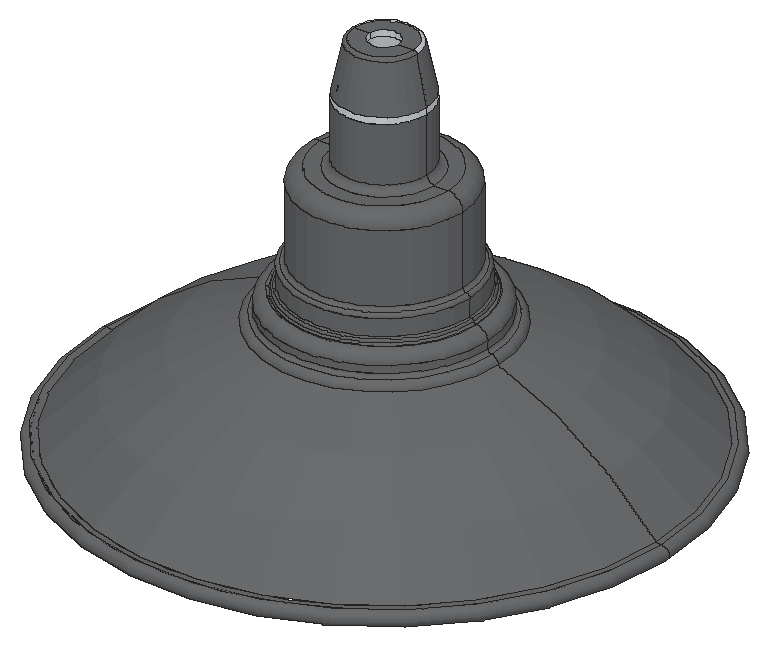
Revit family "HRS10 SHADE", category Lighting Fixtures, Revit 2024
Family settings
  Round Connector Dimension = Use Diameter
  Part Type = Normal
  OmniClass Number = 23.80.70.00
  OmniClass Title = Lighting
  Work Plane-Based = No
  Always vertical = Yes
  Cut with Voids When Loaded = No
  Light Source = Yes
  Maintain Annotation Orientation = No
  Shared = No
  Room Calculation Point = No
Parameters
  Wattage = 12.1178 W
  built-in parameter 1150110 = 1 (stored number, unit not read)
  built-in parameter 1114217 = 1 (stored number, unit not read)
  built-in parameter 1150109 = 1 (stored number, unit not read)
  built-in parameter 1150134 = (empty or 0)
  built-in parameter 1150113 = 1 (stored number, unit not read)
  Lumens = 1800 lm
  built-in parameter 1150115 = 1 (stored number, unit not read)
  built-in parameter 1150105 = 572.96 (stored number, unit not read)
  Light Source Symbol Size = 2' - 0"
  built-in parameter 1150137 = (empty or 0)
  built-in parameter 1150139 = (empty or 0)
  built-in parameter 1150112 = 1 (stored number, unit not read)
  built-in parameter 1150114 = 1 (stored number, unit not read)
  built-in parameter 1150132 = 2
  built-in parameter 1150102 = (empty or 0)
  built-in parameter 1150138 = (empty or 0)
  built-in parameter 1150107 = 3000 (stored number, unit not read)
  built-in parameter 1150106 = 5.7296 (stored number, unit not read)
  built-in parameter 1150104 = 13.8 (stored number, unit not read)
  Dimming Lamp Color Temperature Shift = (empty or 0)
  Default Elevation = 0' - 0"
  Color Filter = 16777215
  built-in parameter 1114218 = 1 (stored number, unit not read)
  built-in parameter 1150133 = 10 (stored number, unit not read)
Reference planes (in)
  plane 1 "Light Source Axis (F/B)": y = 0
  plane 2: z = 12
  plane 3 "Light Source Axis (L/R)": x = 0
  plane 4 "Light Source Elevation": z = 84
Forms (in)
  Revolve 1, solid
    sketch origin (0, 0, 0) x (1, 0, 0) y (0, 0, 1)
      loop
        arc (-4.75001, 84.12664) -> (-3.45666, 85.25617) -> (-1.90625, 85.9943) r 6.29683
        line (-1.90625, 85.9943) -> (-1.90625, 86.0625)
        arc (-1.90625, 86.0625) -> (-1.8971, 86.0846) -> (-1.875, 86.09375) r 0.03125
        arc (-1.875, 86.09375) -> (-1.76451, 86.13951) -> (-1.71875, 86.25) r 0.15625
        line (-1.71875, 86.25) -> (-1.71875, 86.375)
        arc (-1.71875, 86.375) -> (-1.69129, 86.44129) -> (-1.625, 86.46875) r 0.09375
        line (-1.625, 86.46875) -> (-1.59375, 86.46875)
        arc (-1.59375, 86.46875) -> (-1.52594, 86.48874) -> (-1.47982, 86.54232) r 0.125
        arc (-1.47982, 86.54232) -> (-1.42624, 86.58844) -> (-1.40625, 86.65625) r 0.125
        line (-1.40625, 86.65625) -> (-1.40625, 86.90941)
        arc (-1.40625, 86.90941) -> (-1.31647, 86.96368) -> (-1.28125, 87.0625) r 0.15625
        line (-1.28125, 87.0625) -> (-1.28125, 88.25)
        arc (-1.28125, 88.25) -> (-1.23549, 88.36049) -> (-1.125, 88.40625) r 0.15625
        line (-1.125, 88.40625) -> (-0.875, 88.40625)
        arc (-0.875, 88.40625) -> (-0.72032, 88.47032) -> (-0.65625, 88.625) r 0.21875
        line (-0.65625, 88.625) -> (-0.65625, 89.57203)
        arc (-0.65625, 89.57203) -> (-0.65439, 89.61539) -> (-0.64884, 89.65843) r 0.50745
        line (-0.64884, 89.65843) -> (-0.48677, 90.40625) -> (-0.25, 90.40625) -> (-0.25, 90.5) -> (-0.51208, 90.5)
        arc (-0.51208, 90.5) -> (-0.55127, 90.48603) -> (-0.57309, 90.4506) r 0.06268
        line (-0.57309, 90.4506) -> (-0.74087, 89.67643)
        arc (-0.74087, 89.67643) -> (-0.74771, 89.62443) -> (-0.75, 89.57203) r 0.6012
        line (-0.75, 89.57203) -> (-0.75, 88.625)
        arc (-0.75, 88.625) -> (-0.78661, 88.53661) -> (-0.875, 88.5) r 0.125
        line (-0.875, 88.5) -> (-1.125, 88.5)
        arc (-1.125, 88.5) -> (-1.30178, 88.42678) -> (-1.375, 88.25) r 0.25
        line (-1.375, 88.25) -> (-1.375, 87.0625)
        arc (-1.375, 87.0625) -> (-1.39331, 87.01831) -> (-1.4375, 87) r 0.0625
        arc (-1.4375, 87) -> (-1.48169, 86.98169) -> (-1.5, 86.9375) r 0.0625
        line (-1.5, 86.9375) -> (-1.5, 86.65625)
        arc (-1.5, 86.65625) -> (-1.50915, 86.63415) -> (-1.53125, 86.625) r 0.03125
        arc (-1.53125, 86.625) -> (-1.55335, 86.61585) -> (-1.5625, 86.59375) r 0.03125
        arc (-1.5625, 86.59375) -> (-1.57165, 86.57165) -> (-1.59375, 86.5625) r 0.03125
        line (-1.59375, 86.5625) -> (-1.625, 86.5625)
        arc (-1.625, 86.5625) -> (-1.75758, 86.50758) -> (-1.8125, 86.375) r 0.1875
        line (-1.8125, 86.375) -> (-1.8125, 86.25)
        arc (-1.8125, 86.25) -> (-1.83081, 86.20581) -> (-1.875, 86.1875) r 0.0625
        arc (-1.875, 86.1875) -> (-1.96339, 86.15089) -> (-2, 86.0625) r 0.125
        arc (-2, 86.0625) -> (-3.50239, 85.33829) -> (-4.76623, 84.25) r 6.39058
        line (-4.76623, 84.25) -> (-4.875, 84.25)
        arc (-4.875, 84.25) -> (-4.96281, 84.03603) -> (-4.75001, 84.12664) r 0.125
      axis (0, 90.5) -> (0, 84.12664)
    angle from 0 to 360
Dimensions and locks (in)
  aligned and locked: plane 3 "Light Source Axis (L/R)" to imposter light
  aligned and locked: plane 1 "Light Source Axis (F/B)" to imposter light
  aligned and locked: plane 4 "Light Source Elevation" to imposter light
  aligned and locked: level to plane 2
